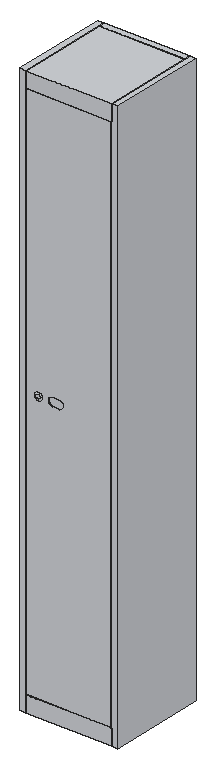
Revit family "BISLEY_CLK_Lockers", category Furniture, Revit 2018
Family settings
  OmniClass Number = 23.40.20.00
  OmniClass Title = General Furniture and Specialties
  Work Plane-Based = No
  Always vertical = Yes
  Cut with Voids When Loaded = No
  Shared = No
  Room Calculation Point = No
Parameters (values of type "CLK121")
  Width = 305 mm
  Warranty = "5 Years from date of purchase"  # constant formula
  Uniclass2015Version = "V1.1"  # constant formula
  Uniclass2015Title = "Shelves and Storage Units"  # constant formula
  Uniclass 2015 Code = "PR_40_30_48"  # constant formula
  URL = "www.bisley.com"
  Training Requirements for Operational Use = "N/A"  # constant formula
  Routine Maintenance = "We recommend you clean your unit with warm water and a mild detergent solution. A damp cloth can be used to remove dust particles."  # constant formula
  Range = "CLK Lockers"  # constant formula
  Product Information = "1 Door Locker"
  Name = ""  # constant formula
  Model Reference = "CLK121"
  Model Number = ""
  Model = "CLK Lockers"
  Material = "Steel"  # constant formula
  Manufacturer = "BISLEY"
  Installation Date = ""
  Height = 1802 mm
  Finish = "Powder Coated"  # constant formula
  Expected Life = ""
  Dimensions = "529 x 305 x 305 mm"
  Description = Product Information  # "1 Door Locker"
  Depth = 305 mm
  Compliance Standards Certification = "BS EN 14073 2004 Part 2 & 3, BS EN 14074, BS 4875 1998 Part 7 level 4, DIN 4554/485"  # constant formula
  Code = ""
  Category = "Furniture"  # constant formula
  Author = "Bisley"  # constant formula
  6th Door Height = 282 mm
  6th = no
  5th Door Height = 282 mm
  5th = no
  4th Door height = 282 mm
  4th = no
  3rd Door Height = 282 mm
  3rd = no
  2nd Doors Height = 282 mm
  2nd = no
  1st Door height = 1699 mm
  1st = yes
Types (11, lengths in mm): name | Product Information | Model Reference | Height | Dimensions | Description | Depth | Code | 6th | 5th | 4th Door height | 4th | 3rd Door Height | 3rd | 2nd Doors Height | 2nd | 1st Door height
  (no name) | "1 Door Locker" | "CLK121" | 1802 | "529 x 305 x 305 mm" | "1 Door Locker" | 305 | "" | no | no | 282 | no | 282 | no | 282 | no | 1699
  CLK186 | "6 Door Locker" | "CLK186" | 1802 | "1802 x 305 x 457 mm" | "6 Door Locker" | 457 | "" | yes | yes | 282 | yes | 282 | yes | 282 | yes | 282
  CLK121 | "1 Door Locker" | "CLK121" | 1802 | "529 x 305 x 305 mm" | "1 Door Locker" | 305 | "" | no | no | 282 | no | 282 | no | 282 | no | 1699
  CLK181 | "1 Door Locker" | "\"CLK181\"" | 1802 | "1802 x 305 x 457 mm" | "1 Door Locker" | 457 | "CLK181" | no | no | 282 | no | 282 | no | 282 | no | 1699
  CLK121C | "" | "CLK121C" | 529 | "529 x 305 x 305 mm" | 0 | 305 | "" | no | no | 282 | no | 282 | no | 282 | no | 426
  CLK181C | "1 Door Cube" | "CLK181C" | 529 | "529 x 305 x 457 mm" | "1 Door Cube" | 457 | "CLK181C" | no | no | 282 | no | 282 | no | 282 | no | 426
  CLK122 | "2 Door Locker" | "CLK122" | 1802 | "1802 x 305 x 305 mm" | "2 Door Locker" | 305 | "CLK122" | no | no | 282 | no | 282 | no | 848.7 | yes | 848.7
  CLK124 | "4 Door Locker" | "CLK124" | 1802 | "1802 x 305 x 305 mm" | "4 Door Locker" | 305 | "CLK124" | no | no | 423.7 | yes | 423.7 | yes | 423.7 | yes | 423.7
  CLK126 | "6 Door Locker" | "CLK126" | 1802 | "1802 x 305 x 305 mm" | "6 Door Locker" | 305 | "CLK126" | yes | yes | 282 | yes | 282 | yes | 282 | yes | 282
  CLK182 | "2 Door Locker" | "CLK182" | 1802 | "1802 x 305 x 457 mm" | "2 Door Locker" | 457 | "" | no | no | 282 | no | 282 | no | 848.7 | yes | 848.7
  CLK184 | "4 Door Locker" | "CLK184" | 1802 | "1802 x 305 x 457 mm" | "4 Door Locker" | 457 | "" | no | no | 423.7 | yes | 423.7 | yes | 423.7 | yes | 423.7
Reference planes
  plane 1 "Center (Front/Back)": y = 0
  plane 2: z = 0
  plane 3 "Center (Left/Right)": x = 0
  plane 4: x = -152.5
  plane 5: x = -133.5
  plane 6: x = 133.5
  plane 7: x = 152.5
  plane 8: y = 76.5
  plane 9: y = 57.5
  plane 10: y = -228.5
  plane 11: z = 1802
  plane 12: z = 1752
  plane 13: z = 50
  plane 14: x = -132.5
  plane 15: z = 51.6
  plane 16: x = 132.5
  plane 17: z = 3167.6
  plane 18: z = 1750.6
  plane 19: z = 1752
  plane 20: y = -208.5
  plane 21: z = 901.1
  plane 22: z = 2034
  plane 23: z = 2035.4
  plane 24: z = 1893
  plane 25: z = 2176.4
  plane 26: z = 2317.4
  plane 27: z = 2318.8
  plane 28: z = 2459.8
  plane 29: z = 2600.8
  plane 30: z = 2602.2
  plane 31: z = 2743.2
  plane 32: z = 2884.2
  plane 33: z = 2885.6
  plane 34: z = 3026.5
Forms (mm)
  Extrusion 1, solid
    sketch origin (0, 0, 0) x (1, 0, 0) y (0, 1, 0)
      loop
        line (-152.5, 76.5) -> (-152.5, -228.5) -> (-133.5, -228.5) -> (-133.5, 76.5) -> (-152.5, 76.5)
    from 0 to 1802
  Extrusion 2, solid
    sketch origin (0, 0, 0) x (1, 0, 0) y (0, 1, 0)
      loop
        line (133.5, 76.5) -> (133.5, -228.5) -> (152.5, -228.5) -> (152.5, 76.5) -> (133.5, 76.5)
    from 0 to 1802
  Extrusion 3, solid
    sketch origin (0, 0, 0) x (1, 0, 0) y (0, 1, 0)
      loop
        line (-133.5, 76.5) -> (-133.5, 57.5) -> (133.5, 57.5) -> (133.5, 76.5) -> (-133.5, 76.5)
    from 0 to 1802
  Extrusion 4, solid
    sketch origin (0, 0, 0) x (1, 0, 0) y (0, 0, 1)
      loop
        line (-133.5, 1802) -> (-133.5, 1752) -> (133.5, 1752) -> (133.5, 1802) -> (-133.5, 1802)
    from -57.5 to 228.5
  Extrusion 5, solid
    sketch origin (0, 0, 0) x (1, 0, 0) y (0, 0, 1)
      loop
        line (-133.5, 50) -> (-133.5, 0) -> (133.5, 0) -> (133.5, 50) -> (-133.5, 50)
    from -57.5 to 228.5
  Extrusion 6, solid, visible <- "1st"
    sketch origin (0, 0, 0) x (1, 0, 0) y (0, 0, 1)
      loop
        line (-132.5, 1750.6) -> (-132.5, 51.6) -> (132.5, 51.6) -> (132.5, 1750.6) -> (-132.5, 1750.6)
    from 208.5 to 228.5
  Blend 7, solid, visible <- "1st"
    base sketch origin (0, 0, 0) x (1, 0, 0) y (0, 0, 1)
      loop
        circle (-95.5, 901.1) r 11.5
    top sketch origin (0, 0, 0) x (1, 0, 0) y (0, 0, 1)
      loop
        circle (-95.5, 901.1) r 8
    from 228.5 to 229.547
  Extrusion 8, void
    sketch origin (0, -228.5, 0) x (1, 0, 0) y (0, 0, 1)
      loop
        line (-50, 915.1) -> (-62.5, 907.1) -> (-62.5, 895.1) -> (-50, 887.1) -> (-27, 887.1) -> (-14.5, 895.1) -> (-14.5, 907.1) -> (-27, 915.1) -> (-50, 915.1)
    from -1.454 to 0
  Extrusion 9, solid, visible <- "2nd"
    sketch origin (0, 0, 283.4) x (1, 0, 0) y (0, 0, 1)
      loop
        line (-132.5, 1750.6) -> (-132.5, 1468.6) -> (132.5, 1468.6) -> (132.5, 1750.6) -> (-132.5, 1750.6)
    from 208.5 to 228.5
  Blend 10, solid, visible <- "2nd"
    base sketch origin (0, 0, 283.4) x (1, 0, 0) y (0, 0, 1)
      loop
        circle (-95.5, 1609.6) r 11.5
    top sketch origin (0, 0, 283.4) x (1, 0, 0) y (0, 0, 1)
      loop
        circle (-95.5, 1609.6) r 8
    from 228.5 to 229.547
  Extrusion 11, void
    sketch origin (0, -228.5, 283.4) x (1, 0, 0) y (0, 0, 1)
      loop
        line (-50, 1623.6) -> (-62.5, 1615.6) -> (-62.5, 1603.6) -> (-50, 1595.6) -> (-27, 1595.6) -> (-14.5, 1603.6) -> (-14.5, 1615.6) -> (-27, 1623.6) -> (-50, 1623.6)
    from -1.454 to 0
  Extrusion 12, solid, visible <- "3rd"
    sketch origin (0, 0, 566.8) x (1, 0, 0) y (0, 0, 1)
      loop
        line (-132.5, 1750.6) -> (-132.5, 1468.6) -> (132.5, 1468.6) -> (132.5, 1750.6) -> (-132.5, 1750.6)
    from 208.5 to 228.5
  Blend 13, solid, visible <- "3rd"
    base sketch origin (0, 0, 566.8) x (1, 0, 0) y (0, 0, 1)
      loop
        circle (-95.5, 1609.6) r 11.5
    top sketch origin (0, 0, 566.8) x (1, 0, 0) y (0, 0, 1)
      loop
        circle (-95.5, 1609.6) r 8
    from 228.5 to 229.547
  Extrusion 14, void
    sketch origin (0, -228.5, 566.8) x (1, 0, 0) y (0, 0, 1)
      loop
        line (-50, 1623.6) -> (-62.5, 1615.6) -> (-62.5, 1603.6) -> (-50, 1595.6) -> (-27, 1595.6) -> (-14.5, 1603.6) -> (-14.5, 1615.6) -> (-27, 1623.6) -> (-50, 1623.6)
    from -1.454 to 0
  Extrusion 15, solid, visible <- "4th"
    sketch origin (0, 0, 850.2) x (1, 0, 0) y (0, 0, 1)
      loop
        line (-132.5, 1750.6) -> (-132.5, 1468.6) -> (132.5, 1468.6) -> (132.5, 1750.6) -> (-132.5, 1750.6)
    from 208.5 to 228.5
  Blend 16, solid, visible <- "4th"
    base sketch origin (0, 0, 850.2) x (1, 0, 0) y (0, 0, 1)
      loop
        circle (-95.5, 1609.6) r 11.5
    top sketch origin (0, 0, 850.2) x (1, 0, 0) y (0, 0, 1)
      loop
        circle (-95.5, 1609.6) r 8
    from 228.5 to 229.547
  Extrusion 17, void
    sketch origin (0, -228.5, 850.2) x (1, 0, 0) y (0, 0, 1)
      loop
        line (-50, 1623.6) -> (-62.5, 1615.6) -> (-62.5, 1603.6) -> (-50, 1595.6) -> (-27, 1595.6) -> (-14.5, 1603.6) -> (-14.5, 1615.6) -> (-27, 1623.6) -> (-50, 1623.6)
    from -1.454 to 0
  Extrusion 18, solid, visible <- "5th"
    sketch origin (0, 0, 1133.6) x (1, 0, 0) y (0, 0, 1)
      loop
        line (-132.5, 1750.6) -> (-132.5, 1468.6) -> (132.5, 1468.6) -> (132.5, 1750.6) -> (-132.5, 1750.6)
    from 208.5 to 228.5
  Blend 19, solid, visible <- "5th"
    base sketch origin (0, 0, 1133.6) x (1, 0, 0) y (0, 0, 1)
      loop
        circle (-95.5, 1609.6) r 11.5
    top sketch origin (0, 0, 1133.6) x (1, 0, 0) y (0, 0, 1)
      loop
        circle (-95.5, 1609.6) r 8
    from 228.5 to 229.547
  Extrusion 20, void
    sketch origin (0, -228.5, 1133.6) x (1, 0, 0) y (0, 0, 1)
      loop
        line (-50, 1623.6) -> (-62.5, 1615.6) -> (-62.5, 1603.6) -> (-50, 1595.6) -> (-27, 1595.6) -> (-14.5, 1603.6) -> (-14.5, 1615.6) -> (-27, 1623.6) -> (-50, 1623.6)
    from -1.454 to 0
  Extrusion 21, solid, visible <- "6th"
    sketch origin (0, 0, 1385) x (1, 0, 0) y (0, 0, 1)
      loop
        line (-132.5, 1782.6) -> (-132.5, 1500.6) -> (132.5, 1500.6) -> (132.5, 1782.6) -> (-132.5, 1782.6)
    from 208.5 to 228.5
  Blend 22, solid, visible <- "6th"
    base sketch origin (0, 0, 1385) x (1, 0, 0) y (0, 0, 1)
      loop
        circle (-95.5, 1641.6) r 11.5
    top sketch origin (0, 0, 1385) x (1, 0, 0) y (0, 0, 1)
      loop
        circle (-95.5, 1641.6) r 8
    from 228.5 to 229.547
  Extrusion 23, void
    sketch origin (0, -228.5, 1385) x (1, 0, 0) y (0, 0, 1)
      loop
        line (-50, 1655.5) -> (-62.5, 1647.5) -> (-62.5, 1635.5) -> (-50, 1627.5) -> (-27, 1627.5) -> (-14.5, 1635.5) -> (-14.5, 1647.5) -> (-27, 1655.5) -> (-50, 1655.5)
    from -1.454 to 0
Cuts and joins
  Extrusion 8, Extrusion 11 cuts Extrusion 6
  Extrusion 11 cuts Blend 7
  joined: Extrusion 6, Blend 7
  Extrusion 11, Extrusion 14 cuts Extrusion 9
  Extrusion 14, Extrusion 17 cuts Extrusion 12
  Extrusion 17, Extrusion 20 cuts Extrusion 15
  Extrusion 20, Extrusion 23 cuts Extrusion 18
  Extrusion 23 cuts Extrusion 21
Lines and regions (mm)
  reference lines
    curve 1: line (-95.5, 0, 1750.6) -> (-95.5, 0, 51.6)
    curve 2: line (-62.5, 0, 1750.6) -> (-62.5, 0, 51.6)
  reference lines, not visible
    curve 3: line (-95.5, 0, 2034) -> (-95.5, 0, 1750.6)
    curve 4: line (-62.5, 0, 2034) -> (-62.5, 0, 1750.6)
    curve 5: line (-95.5, 0, 2317.4) -> (-95.5, 0, 2034)
    curve 6: line (-62.5, 0, 2317.4) -> (-62.5, 0, 2034)
    curve 7: line (-95.5, 0, 2600.8) -> (-95.5, 0, 2317.4)
    curve 8: line (-62.5, 0, 2600.8) -> (-62.5, 0, 2317.4)
    curve 9: line (-95.5, 0, 2900.2) -> (-95.5, 0, 2600.8)
    curve 10: line (-62.5, 0, 2900.2) -> (-62.5, 0, 2600.8)
    curve 11: line (-95.5, 0, 3119.8) -> (-95.5, 0, 2884.2)
    curve 12: line (-62.5, 0, 3119.8) -> (-62.5, 0, 2884.2)
Dimensions and locks
  locked: plane 4 to plane 5 at 19
  locked: plane 6 to plane 7 at 19
  equal spacing: plane 4, plane 3 "Center (Left/Right)", plane 7
  "Width": plane 4 to plane 7
  locked: plane 8 to plane 9 at 19
  "Depth": plane 8 to plane 10
  "Height": plane 11 to level
  locked: plane 11 to plane 12 at 50
  locked: plane 13 to level at 50
  locked: plane 15 to plane 13 at 1.6
  locked: plane 14 to plane 5 at 1
  locked: plane 6 to plane 16 at 1
  locked: plane 19 to plane 18 at 1.4
  "1st Door height": plane 18 to plane 15
  locked: plane 20 to plane 10 at 20
  equal spacing: plane 18, plane 21, plane 15
  equal spacing: cut or joined group of Extrusion 6, Blend 7, Extrusion 8, Extrusion 11, plane 21, cut or joined group of Extrusion 6, Blend 7, Extrusion 8, Extrusion 11
  locked: plane 23 to plane 22 at 1.4
  "2nd Doors Height": plane 22 to plane 19
  equal spacing: plane 22, plane 24, plane 19
  equal spacing: cut or joined group of Extrusion 9, Extrusion 11, Extrusion 14, plane 24, cut or joined group of Extrusion 9, Extrusion 11, Extrusion 14
  locked: plane 27 to plane 26 at 1.4
  equal spacing: plane 26, plane 25, plane 23
  equal spacing: cut or joined group of Extrusion 12, Extrusion 14, Extrusion 17, plane 25, cut or joined group of Extrusion 12, Extrusion 14, Extrusion 17
  "3rd Door Height": plane 26 to plane 23
  locked: plane 30 to plane 29 at 1.4
  equal spacing: plane 29, plane 28, plane 27
  equal spacing: cut or joined group of Extrusion 15, Extrusion 17, Extrusion 20, plane 28, cut or joined group of Extrusion 15, Extrusion 17, Extrusion 20
  "4th Door height": plane 29 to plane 27
  locked: plane 33 to plane 32 at 1.4
  equal spacing: plane 32, plane 31, plane 30
  equal spacing: cut or joined group of Extrusion 18, Extrusion 20, Extrusion 23, plane 31, cut or joined group of Extrusion 18, Extrusion 20, Extrusion 23
  "5th Door Height": plane 32 to plane 30
  "6th Door Height": plane 17 to plane 33
  plane 17 to plane 34 to plane 33 = 141.1 mm, 140.9 mm
  equal spacing: cut or joined group of Extrusion 21, Extrusion 23, plane 34, cut or joined group of Extrusion 21, Extrusion 23
  locked: plane 10 to plane 1 "Center (Front/Back)" at 228.5
  aligned and locked: level to plane 2
  aligned and locked: Extrusion 1 sketch curve to plane 8
  aligned and locked: Extrusion 1 sketch curve to plane 4
  aligned and locked: plane 10 to Extrusion 1 sketch curve
  aligned and locked: plane 5 to Extrusion 1 sketch curve
  aligned and locked: Extrusion 2 sketch curve to plane 8
  aligned and locked: plane 6 to Extrusion 2 sketch curve
  aligned and locked: plane 10 to Extrusion 2 sketch curve
  aligned and locked: plane 7 to Extrusion 2 sketch curve
  aligned and locked: Extrusion 3 sketch curve to plane 8
  aligned and locked: Extrusion 1 to Extrusion 3 sketch curve
  aligned and locked: plane 9 to Extrusion 3 sketch curve
  aligned and locked: Extrusion 3 sketch curve to plane 6
  aligned and locked: plane 11 to Extrusion 3
  aligned and locked: Extrusion 2 to Extrusion 3
  aligned and locked: Extrusion 2 to Extrusion 1
  aligned and locked: Extrusion 4 sketch curve to Extrusion 3
  aligned and locked: Extrusion 1 to Extrusion 4 sketch curve
  aligned and locked: plane 12 to Extrusion 4 sketch curve
  aligned and locked: Extrusion 4 sketch curve to plane 6
  aligned and locked: Extrusion 5 sketch curve to plane 13
  aligned and locked: Extrusion 5 sketch curve to plane 5
  aligned and locked: Extrusion 5 sketch curve to Extrusion 3
  aligned and locked: Extrusion 2 to Extrusion 5 sketch curve
  aligned and locked: Extrusion 5 to plane 10
  aligned and locked: plane 9 to Extrusion 4
  aligned and locked: Extrusion 4 to plane 10
  aligned and locked: plane 9 to Extrusion 5
  aligned and locked: Extrusion 6 sketch curve to plane 18
  aligned and locked: plane 15 to Extrusion 6 sketch curve
  aligned and locked: Extrusion 6 sketch curve to plane 16
  aligned and locked: plane 14 to Extrusion 6 sketch curve
  aligned and locked: Extrusion 6 to plane 10
  aligned and locked: plane 20 to Extrusion 6
  aligned and locked: Extrusion 8 to plane 10
  aligned and locked: Extrusion 9 to plane 19
  aligned and locked: plane 22 to Extrusion 9
  aligned and locked: Extrusion 11 sketch curve to curve 4
  aligned and locked: Extrusion 14 sketch curve to curve 6
  aligned and locked: plane 26 to curve 5
  aligned and locked: Extrusion 12 to curve 5
  aligned and locked: Extrusion 17 sketch curve to curve 8
  aligned and locked: Extrusion 15 to plane 27
  aligned and locked: plane 29 to Extrusion 15
  aligned and locked: Extrusion 20 sketch curve to curve 10
  aligned and locked: plane 32 to Extrusion 18
  aligned and locked: Extrusion 23 sketch curve to curve 12
  aligned and locked: Extrusion 18 to plane 30
  aligned and locked: Extrusion 21 to plane 33
  aligned and locked: plane 17 to Extrusion 21
Automatic sketch dimensions
  curve 1 to plane 18 = 0 mm
  curve 1 to plane 15 = 0 mm
  curve 11 to plane 32 = 0 mm
  curve 3 to plane 22 = 0 mm
  curve 9 to plane 29 = 0 mm
  curve 6 to plane 22 = 0 mm
  curve 6 to plane 26 = 0 mm
  curve 8 to plane 29 = 0 mm
  curve 4 to plane 18 = 0 mm
  curve 2 to plane 15 = 0 mm
  curve 12 to plane 32 = 0 mm
  plane 14 to curve 1 = 37 mm
  curve 3 to curve 6 = 33 mm
  curve 9 to curve 11 = 0 mm
  curve 11 to curve 12 = 33 mm
  plane 33 to curve 9 = 14.6 mm
  plane 33 to curve 10 = 14.6 mm
  curve 12 to plane 17 = 47.8 mm
  curve 11 to curve 12 = 0 mm
  Blend 7 sketch curve to plane 21 = 0 mm  (x2)
  plane 14 to Blend 7 sketch curve = 37 mm  (x2)
  Extrusion 8 sketch curve to Extrusion 6 = 70 mm
  Extrusion 8 sketch curve to Extrusion 8 sketch curve = 12.5 mm  (x3)
  Extrusion 8 sketch curve to Extrusion 8 sketch curve = 23 mm  (x2)
  Extrusion 8 sketch curve to Extrusion 6 = 835.5 mm
  Extrusion 8 sketch curve to Extrusion 8 sketch curve = 8 mm  (x3)
  Extrusion 8 sketch curve to Extrusion 8 sketch curve = 12 mm  (x2)
  Extrusion 9 sketch curve to plane 14 = 0 mm
  Extrusion 9 sketch curve to plane 16 = 0 mm
  Extrusion 9 sketch curve to plane 19 = 0 mm
  Extrusion 9 sketch curve to plane 22 = 0 mm
  Blend 10 sketch curve to plane 24 = 0 mm  (x2)
  plane 14 to Blend 10 sketch curve = 37 mm  (x2)
  Extrusion 11 sketch curve to Extrusion 11 sketch curve = 12.5 mm  (x3)
  Extrusion 11 sketch curve to Extrusion 11 sketch curve = 23 mm  (x2)
  Extrusion 11 sketch curve to Extrusion 9 = 127 mm
  Extrusion 11 sketch curve to Extrusion 11 sketch curve = 8 mm  (x3)
  Extrusion 11 sketch curve to Extrusion 11 sketch curve = 12 mm  (x2)
  Extrusion 12 sketch curve to plane 14 = 0 mm
  Extrusion 12 sketch curve to plane 16 = 0 mm
  Extrusion 12 sketch curve to plane 23 = 0 mm
  Extrusion 12 sketch curve to plane 26 = 0 mm
  Blend 13 sketch curve to plane 25 = 0 mm  (x2)
  plane 14 to Blend 13 sketch curve = 37 mm  (x2)
  Extrusion 14 sketch curve to Extrusion 14 sketch curve = 12.5 mm  (x3)
  Extrusion 14 sketch curve to Extrusion 14 sketch curve = 23 mm  (x2)
  Extrusion 14 sketch curve to Extrusion 12 = 127 mm
  Extrusion 14 sketch curve to Extrusion 14 sketch curve = 8 mm  (x3)
  Extrusion 14 sketch curve to Extrusion 14 sketch curve = 12 mm  (x2)
  Extrusion 15 sketch curve to plane 14 = 0 mm
  Extrusion 15 sketch curve to plane 16 = 0 mm
  Extrusion 15 sketch curve to plane 27 = 0 mm
  Extrusion 15 sketch curve to plane 29 = 0 mm
  Blend 16 sketch curve to plane 28 = 0 mm  (x2)
  plane 14 to Blend 16 sketch curve = 37 mm  (x2)
  Extrusion 17 sketch curve to Extrusion 17 sketch curve = 12.5 mm  (x3)
  Extrusion 17 sketch curve to Extrusion 17 sketch curve = 23 mm  (x2)
  Extrusion 17 sketch curve to Extrusion 15 = 127 mm
  Extrusion 17 sketch curve to Extrusion 17 sketch curve = 8 mm  (x3)
  Extrusion 17 sketch curve to Extrusion 17 sketch curve = 12 mm  (x2)
  Extrusion 18 sketch curve to plane 14 = 0 mm
  Extrusion 18 sketch curve to plane 16 = 0 mm
  Extrusion 18 sketch curve to plane 30 = 0 mm
  Extrusion 18 sketch curve to plane 32 = 0 mm
  Blend 19 sketch curve to plane 31 = 0 mm  (x2)
  plane 14 to Blend 19 sketch curve = 37 mm  (x2)
  Extrusion 20 sketch curve to Extrusion 20 sketch curve = 12.5 mm  (x3)
  Extrusion 20 sketch curve to Extrusion 20 sketch curve = 23 mm  (x2)
  Extrusion 20 sketch curve to Extrusion 18 = 127 mm
  Extrusion 20 sketch curve to Extrusion 20 sketch curve = 8 mm  (x3)
  Extrusion 20 sketch curve to Extrusion 20 sketch curve = 12 mm  (x2)
  Extrusion 21 sketch curve to plane 14 = 0 mm
  Extrusion 21 sketch curve to plane 16 = 0 mm
  Extrusion 21 sketch curve to plane 33 = 0 mm
  Extrusion 21 sketch curve to plane 17 = 0 mm
  plane 34 to Blend 22 sketch curve = 0.1 mm  (x2)
  plane 14 to Blend 22 sketch curve = 37 mm  (x2)
  Extrusion 23 sketch curve to Extrusion 23 sketch curve = 12.5 mm  (x3)
  Extrusion 23 sketch curve to Extrusion 23 sketch curve = 23 mm  (x2)
  Extrusion 23 sketch curve to Extrusion 21 = 126.9 mm
  Extrusion 23 sketch curve to Extrusion 23 sketch curve = 8 mm  (x3)
  Extrusion 23 sketch curve to Extrusion 23 sketch curve = 12 mm  (x2)
  radius of Blend 7 sketch curve = 11.5 mm
  radius of Blend 7 sketch curve = 8 mm
  radius of Blend 10 sketch curve = 11.5 mm
  radius of Blend 10 sketch curve = 8 mm
  radius of Blend 13 sketch curve = 11.5 mm
  radius of Blend 13 sketch curve = 8 mm
  radius of Blend 16 sketch curve = 11.5 mm
  radius of Blend 16 sketch curve = 8 mm
  radius of Blend 19 sketch curve = 11.5 mm
  radius of Blend 19 sketch curve = 8 mm
  radius of Blend 22 sketch curve = 11.5 mm
  radius of Blend 22 sketch curve = 8 mm
